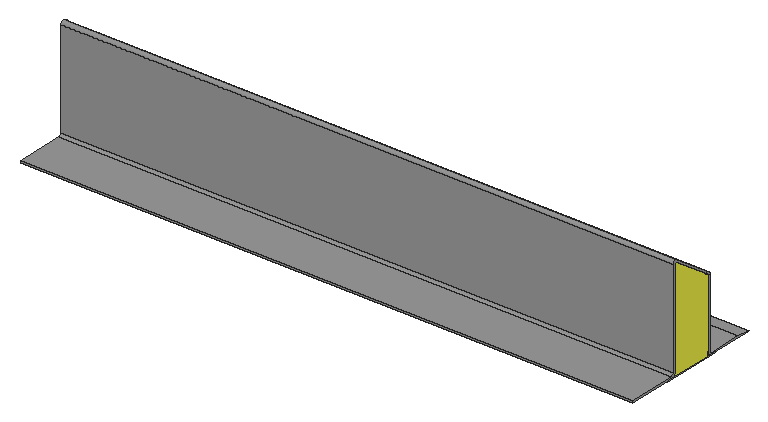
Revit family "XHD K 90", category Generic Models, Revit 2014
Parameters (values of type "Max lintel length 2700mm")
  URL = "http://www.keystonelintels.co.uk"
  Structural Opening [instance] = 900 mm
  Structural Performance = "The Keystone lintel range has safe working loads as detailed in each applicable loading table in the Keystone Lintel Guide brochure. The structural performance figures within each table have been ascertained by testing in accordance with the requirements of standards BS EN 5977-2: 1983 and BS EN 845-2: 2003."
  RIBA Productor Selector = "available for Keystone Lintels Ltd from Keystone Lintels Ltd from ribaproductselector.com"
  Model = "XHD/K 90"
  Min Length = 600 mm
  Min Clear Span = 300 mm
  Max Length = 2700 mm
  Max Clear Span = 2700 mm
  Material - Stainless Steel = "Grade 304 2b 1.4307 to BS EN 10088-2. Other grades available on request: contact manufacturer."
  Material - Galvanised Steel = "To BS EN 10346: 2009. DX51D plus Z600 or grade Z275 to BS 5977-2: 1983 (BS EN 845-2: 2003)."
  Manufacturer = "Keystone"
  Manufactured Length [instance] = (roundup(Effective Length / 150 mm) * 150 mm)  # 1200 mm
  Lintel height [instance] = 2100 mm
  Keynote = "F30/755"
  Fire Performance = "Keystone lintels have been subjected to a fire test (WARRES No. 101263) in accordance with BS 476-20: 1987, at Exova Warrington Fire and achieved a one hour fire performance."
  End Bearing = 150 mm
  Effective Length [instance] = Clear Opening with MIN MAX set + End Bearing * 2  # 1200 mm
  Corrosion = "Keystone’s standard range of lintels are manufactured from high quality grade pre-galvanized carbon steel with a zinc coating of 600"
  Contact Tel = "+44 (0)28 8676 2184"
  Contact Email = "info@keystonelintels.co.uk"
  Clear Opening with MIN MAX set [instance] = if(Structural Opening < Min Clear Span, Min Clear Span, (if(Structural Opening > Max Clear Span, Max Clear Span, Structural Opening)))  # 900 mm
  CPD Information = "Available for Keystone Lintels Ltd from ribacpd.com"
Reference planes
  plane 1 "Center (Front/Back)": y = 0
  plane 2: z = 0
  plane 3 "Center (Left/Right)": x = 0
  plane 4: x = -600
  plane 5: x = 600
  plane 6: z = 2100
  plane 7: x = -450
  plane 8: x = 450
Forms (mm)
  Extrusion 1, solid, material "Steel"
    sketch origin (0, 713.343, -509.096) x (0, 1, 0) y (0, 0, 1)
      loop
        line (-575.592, 2608.233) -> (-575.481, 2611.431) -> (-600.486, 2612.296) -> (-665.491, 2612.296)
        arc (-665.491, 2612.296) -> (-668.815, 2613.672) -> (-670.191, 2616.996) r 4.7
        line (-670.191, 2616.996) -> (-670.191, 2752.356)
        arc (-670.191, 2752.356) -> (-670.778, 2754.756) -> (-672.406, 2756.614) r 5.2
        line (-672.406, 2756.614) -> (-750.606, 2811.444)
        arc (-750.606, 2811.444) -> (-755.991, 2811.8) -> (-758.791, 2807.186) r 5.2
        line (-758.791, 2807.186) -> (-758.791, 2616.996)
        arc (-758.791, 2616.996) -> (-760.168, 2613.672) -> (-763.491, 2612.296) r 4.7
        line (-763.491, 2612.296) -> (-858.491, 2612.296) -> (-858.491, 2609.096) -> (-763.491, 2609.096)
        arc (-763.491, 2609.096) -> (-757.905, 2611.41) -> (-755.591, 2616.996) r 7.9
        line (-755.591, 2616.996) -> (-755.591, 2807.186)
        arc (-755.591, 2807.186) -> (-754.514, 2808.961) -> (-752.443, 2808.824) r 2
        line (-752.443, 2808.824) -> (-674.243, 2753.994)
        arc (-674.243, 2753.994) -> (-673.617, 2753.279) -> (-673.391, 2752.356) r 2
        line (-673.391, 2752.356) -> (-673.391, 2616.996)
        arc (-673.391, 2616.996) -> (-671.078, 2611.41) -> (-665.491, 2609.096) r 7.9
        line (-665.491, 2609.096) -> (-600.542, 2609.096) -> (-575.592, 2608.233)
    from -600 to 600
  Extrusion 2, solid, material "Steel"
    sketch origin (0, 713.343, -509.096) x (0, 1, 0) y (0, 0, 1)
      loop
        line (-656.991, 2608.096) -> (-656.991, 2609.096) -> (-673.991, 2609.096) -> (-673.991, 2617.096) -> (-674.991, 2617.096) -> (-674.991, 2609.096) -> (-771.991, 2609.096) -> (-771.991, 2608.096) -> (-656.991, 2608.096)
    from -600 to 600
  Extrusion 3, solid, material "Insulation"
    sketch origin (0, 713.343, -509.096) x (0, 1, 0) y (0, 0, 1)
      loop
        arc (-665.491, 2609.096) -> (-671.078, 2611.41) -> (-673.391, 2616.996) r 7.9
        line (-673.391, 2616.996) -> (-673.391, 2752.356)
        arc (-673.391, 2752.356) -> (-673.617, 2753.279) -> (-674.243, 2753.994) r 2
        line (-674.243, 2753.994) -> (-752.443, 2808.824)
        arc (-752.443, 2808.824) -> (-754.514, 2808.961) -> (-755.591, 2807.186) r 2
        line (-755.591, 2807.186) -> (-755.591, 2616.996)
        arc (-755.591, 2616.996) -> (-757.905, 2611.41) -> (-763.491, 2609.096) r 7.9
        line (-763.491, 2609.096) -> (-674.991, 2609.096) -> (-674.991, 2617.096) -> (-673.991, 2617.096) -> (-673.991, 2609.096) -> (-665.491, 2609.096)
    from -600 to 600
  Extrusion 4, solid, not visible
    sketch origin (0, 937.603, 1197.815) x (0, 1, 0) y (0, 0, 1)
      loop
        line (-575.592, 1008.233) -> (-575.481, 1011.431) -> (-600.486, 1012.296) -> (-665.491, 1012.296)
        arc (-665.491, 1012.296) -> (-668.815, 1013.672) -> (-670.191, 1016.996) r 4.7
        line (-670.191, 1016.996) -> (-670.191, 1152.356)
        arc (-670.191, 1152.356) -> (-670.778, 1154.756) -> (-672.406, 1156.614) r 5.2
        line (-672.406, 1156.614) -> (-750.606, 1211.444)
        arc (-750.606, 1211.444) -> (-755.991, 1211.8) -> (-758.791, 1207.186) r 5.2
        line (-758.791, 1207.186) -> (-758.791, 1016.996)
        arc (-758.791, 1016.996) -> (-760.168, 1013.672) -> (-763.491, 1012.296) r 4.7
        line (-763.491, 1012.296) -> (-858.491, 1012.296) -> (-858.491, 1009.096) -> (-763.491, 1009.096)
        arc (-763.491, 1009.096) -> (-757.905, 1011.41) -> (-755.591, 1016.996) r 7.9
        line (-755.591, 1016.996) -> (-755.591, 1207.186)
        arc (-755.591, 1207.186) -> (-754.514, 1208.961) -> (-752.443, 1208.824) r 2
        line (-752.443, 1208.824) -> (-674.243, 1153.994)
        arc (-674.243, 1153.994) -> (-673.617, 1153.279) -> (-673.391, 1152.356) r 2
        line (-673.391, 1152.356) -> (-673.391, 1016.996)
        arc (-673.391, 1016.996) -> (-671.078, 1011.41) -> (-665.491, 1009.096) r 7.9
        line (-665.491, 1009.096) -> (-600.542, 1009.096) -> (-575.592, 1008.233)
    from 0 to 250
  Extrusion 5, solid, not visible
    sketch origin (0, 552.005, 1218.924) x (0, 1, 0) y (0, 0, 1)
      loop
        arc (-665.491, 1009.096) -> (-671.078, 1011.41) -> (-673.391, 1016.996) r 7.9
        line (-673.391, 1016.996) -> (-673.391, 1152.356)
        arc (-673.391, 1152.356) -> (-673.617, 1153.279) -> (-674.243, 1153.994) r 2
        line (-674.243, 1153.994) -> (-752.443, 1208.824)
        arc (-752.443, 1208.824) -> (-754.514, 1208.961) -> (-755.591, 1207.186) r 2
        line (-755.591, 1207.186) -> (-755.591, 1016.996)
        arc (-755.591, 1016.996) -> (-757.905, 1011.41) -> (-763.491, 1009.096) r 7.9
        line (-763.491, 1009.096) -> (-674.991, 1009.096) -> (-674.991, 1017.096) -> (-673.991, 1017.096) -> (-673.991, 1009.096) -> (-665.491, 1009.096)
    from 0 to 250
  Extrusion 6, solid, not visible
    sketch origin (0, 935.126, 1061.974) x (0, 1, 0) y (0, 0, 1)
      loop
        line (-656.991, 1008.096) -> (-656.991, 1009.096) -> (-673.991, 1009.096) -> (-673.991, 1017.096) -> (-674.991, 1017.096) -> (-674.991, 1009.096) -> (-771.991, 1009.096) -> (-771.991, 1008.096) -> (-656.991, 1008.096)
    from 0 to 250
Dimensions and locks
  equal spacing: plane 4, plane 3 "Center (Left/Right)", plane 5
  "Manufactured Length": plane 4 to plane 5
  "Lintel height": plane 6 to level
  "Structural Opening": plane 7 to plane 8
  equal spacing: plane 7, plane 3 "Center (Left/Right)", plane 8
  aligned and locked: level to plane 2
  aligned and locked: Extrusion 1 to plane 6
  aligned and locked: Extrusion 3 to plane 6
  aligned and locked: plane 6 to Extrusion 2
  aligned and locked: plane 5 to Extrusion 1
  aligned and locked: Extrusion 1 to plane 4
  aligned and locked: plane 5 to Extrusion 3
  aligned and locked: Extrusion 3 to plane 4
  aligned and locked: plane 5 to Extrusion 2
  aligned and locked: Extrusion 2 to plane 4
Automatic sketch dimensions
  Extrusion 1 sketch curve to Extrusion 1 sketch curve = 24.95 mm
  Extrusion 1 sketch curve to Extrusion 1 sketch curve = 0.111 mm
  Extrusion 1 sketch curve to Extrusion 1 sketch curve = 0.863 mm
  Extrusion 1 sketch curve to Extrusion 1 sketch curve = 0.055 mm
  Extrusion 1 sketch curve to Extrusion 1 sketch curve = 64.95 mm
  Extrusion 1 sketch curve to Extrusion 1 sketch curve = 4.7 mm  (x2)
  Extrusion 1 sketch curve to Extrusion 1 sketch curve = 135.361 mm
  Extrusion 1 sketch curve to Extrusion 1 sketch curve = 0 mm  (x17)
  Extrusion 1 sketch curve to Extrusion 1 sketch curve = 2 mm
  Extrusion 1 sketch curve to Extrusion 1 sketch curve = 0.852 mm
  Extrusion 1 sketch curve to Extrusion 1 sketch curve = 78.2 mm
  Extrusion 1 sketch curve to Extrusion 1 sketch curve = 54.83 mm
  Extrusion 1 sketch curve to Extrusion 1 sketch curve = 1.837 mm  (x2)
  Extrusion 1 sketch curve to Extrusion 1 sketch curve = 2.62 mm
  Extrusion 1 sketch curve to Extrusion 1 sketch curve = 1.148 mm
  Extrusion 1 sketch curve to Extrusion 1 sketch curve = 1.638 mm
  Extrusion 1 sketch curve to Extrusion 1 sketch curve = 95 mm
  Extrusion 2 sketch curve to Extrusion 2 sketch curve = 115 mm
  Extrusion 2 sketch curve to Extrusion 2 sketch curve = 1 mm  (x2)
  Extrusion 2 sketch curve to Extrusion 2 sketch curve = 17 mm
  Extrusion 2 sketch curve to Extrusion 2 sketch curve = 8 mm
  Extrusion 2 sketch curve to Extrusion 2 sketch curve = 0 mm
  Extrusion 3 sketch curve to Extrusion 3 sketch curve = 7.9 mm  (x3)
  Extrusion 3 sketch curve to Extrusion 3 sketch curve = 0.6 mm
  Extrusion 3 sketch curve to Extrusion 3 sketch curve = 0 mm  (x3)
  Extrusion 3 sketch curve to Extrusion 3 sketch curve = 0.1 mm
  Extrusion 3 sketch curve to Extrusion 3 sketch curve = 135.261 mm
  Extrusion 3 sketch curve to Extrusion 3 sketch curve = 1 mm
  Extrusion 3 sketch curve to Extrusion 3 sketch curve = 88.5 mm
  Extrusion 3 sketch curve to Extrusion 3 sketch curve = 54.83 mm
  Extrusion 3 sketch curve to Extrusion 3 sketch curve = 2 mm
  Extrusion 3 sketch curve to Extrusion 3 sketch curve = 0.852 mm
  Extrusion 3 sketch curve to Extrusion 3 sketch curve = 3.148 mm
  Extrusion 3 sketch curve to Extrusion 3 sketch curve = 1.638 mm
  Extrusion 3 sketch curve to Extrusion 3 sketch curve = 8 mm
  Extrusion 4 sketch curve to Extrusion 4 sketch curve = 24.95 mm
  Extrusion 4 sketch curve to Extrusion 4 sketch curve = 0.111 mm
  Extrusion 4 sketch curve to Extrusion 4 sketch curve = 0.863 mm
  Extrusion 4 sketch curve to Extrusion 4 sketch curve = 0.055 mm
  Extrusion 4 sketch curve to Extrusion 4 sketch curve = 64.95 mm
  Extrusion 4 sketch curve to Extrusion 4 sketch curve = 4.7 mm  (x2)
  Extrusion 4 sketch curve to Extrusion 4 sketch curve = 135.361 mm
  Extrusion 4 sketch curve to Extrusion 4 sketch curve = 0 mm  (x17)
  Extrusion 4 sketch curve to Extrusion 4 sketch curve = 2 mm
  Extrusion 4 sketch curve to Extrusion 4 sketch curve = 0.852 mm
  Extrusion 4 sketch curve to Extrusion 4 sketch curve = 78.2 mm
  Extrusion 4 sketch curve to Extrusion 4 sketch curve = 54.83 mm
  Extrusion 4 sketch curve to Extrusion 4 sketch curve = 1.837 mm  (x2)
  Extrusion 4 sketch curve to Extrusion 4 sketch curve = 2.62 mm
  Extrusion 4 sketch curve to Extrusion 4 sketch curve = 1.148 mm
  Extrusion 4 sketch curve to Extrusion 4 sketch curve = 1.638 mm
  Extrusion 4 sketch curve to Extrusion 4 sketch curve = 95 mm
  Extrusion 5 sketch curve to Extrusion 5 sketch curve = 7.9 mm  (x3)
  Extrusion 5 sketch curve to Extrusion 5 sketch curve = 0.6 mm
  Extrusion 5 sketch curve to Extrusion 5 sketch curve = 0 mm  (x3)
  Extrusion 5 sketch curve to Extrusion 5 sketch curve = 0.1 mm
  Extrusion 5 sketch curve to Extrusion 5 sketch curve = 135.261 mm
  Extrusion 5 sketch curve to Extrusion 5 sketch curve = 1 mm
  Extrusion 5 sketch curve to Extrusion 5 sketch curve = 88.5 mm
  Extrusion 5 sketch curve to Extrusion 5 sketch curve = 54.83 mm
  Extrusion 5 sketch curve to Extrusion 5 sketch curve = 2 mm
  Extrusion 5 sketch curve to Extrusion 5 sketch curve = 0.852 mm
  Extrusion 5 sketch curve to Extrusion 5 sketch curve = 3.148 mm
  Extrusion 5 sketch curve to Extrusion 5 sketch curve = 1.638 mm
  Extrusion 5 sketch curve to Extrusion 5 sketch curve = 8 mm
  Extrusion 6 sketch curve to Extrusion 6 sketch curve = 115 mm
  Extrusion 6 sketch curve to Extrusion 6 sketch curve = 1 mm  (x2)
  Extrusion 6 sketch curve to Extrusion 6 sketch curve = 17 mm
  Extrusion 6 sketch curve to Extrusion 6 sketch curve = 8 mm
  Extrusion 6 sketch curve to Extrusion 6 sketch curve = 0 mm
  Extrusion 3 sketch curve to plane 6 = 0 mm
  plane 1 "Center (Front/Back)" to Extrusion 3 sketch curve = 50.148 mm
  Extrusion 1 sketch curve to plane 6 = 0 mm
  plane 1 "Center (Front/Back)" to Extrusion 1 sketch curve = 145.148 mm
  Extrusion 2 sketch curve to plane 6 = 0 mm
  plane 1 "Center (Front/Back)" to Extrusion 2 sketch curve = 58.648 mm
